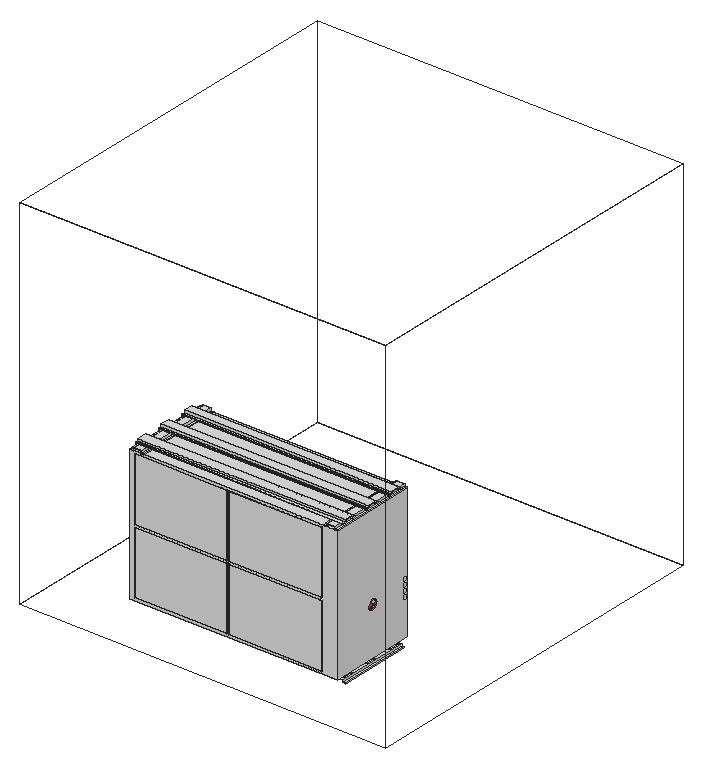
Revit family "HeatPump_AirToWater_Rheem_30kW_Horizontal_LowGWP", category Mechanical Equipment, Revit 2021
Family settings
  Round Connector Dimension = Use Diameter
  Classification = None
  Part Type = Normal
  OmniClass Number = 23.33.17.00
  OmniClass Title = Heat Pumps
  Work Plane-Based = No
  Always vertical = Yes
  Cut with Voids When Loaded = No
  Shared = No
  Room Calculation Point = No
Parameters (values of type "Ducted (952030H0)")
  Voltage = 230 V
  Uniclass2015Version = "v1.33"
  Uniclass2015Title = "Air to water heat pumps"
  Uniclass2015Code = "Pr_70_60_37_04"
  URL = "https://www.rheem.com.au/rheem/"
  Type Comments = "HeatPump - AirToWater - 30kW - Horizontal - LowGWP - Ducted"
  ScreenMaterial = Metal_Vent_Rheem_HeatPump_Wire
  RequiredSpace [instance] = yes
  PowerFactor = 1
  ModifiedIssue = 20240801
  Model = "952030H0"
  ManufacturerURLProductSpecific = "https://www.rheem.com.au/rheem/products/Commercial/Commercial-Heat-Pumps/Rheem-Commercial-Air-To-Water-Heat-Pumps/YF-Series-Air-to-Water-%28A2W%29-30kW-Commercial-Heat-Pump-%E2%80%93-Ducted/p/95203000"
  ManufacturerSpecCode = Model  # "952030H0"
  ManufacturerOverallWidth = 1942 mm  # constant formula
  ManufacturerOverallHeight = 1339 mm  # constant formula
  ManufacturerOverallDepth = 944 mm  # constant formula
  ManufacturerHeightFromFFL [instance] = 0 mm
  Manufacturer = "Rheem"  # constant formula
  IfcExportType = "USERDEFINED"
  IfcExportAs = "IfcPump"
  FanMaterial = Metal_Vent_Rheem_HeatPump_AirSource
  FanHeight = 137 mm  # constant formula
  FanFrame = yes
  Description = "Rheem’s YF Series Commercial heat pump uses 1234yf refrigerant which has an ultra-low Global Warming Potential (GWP) of <1. Delivering hot water up to 65°C and operating in ambient temperatures to a low of 0°C with an improved Coefficient of Performance (COP) of up to 4.28 at 20°C ambient. Ducted models are designed with high static fans to enable reject air to be convey from the room. Models are  available in vertical and stackable horizontal discharge options."
  Default Elevation = 0 mm
  CreatedByURL = "https://igsgroup.com.au"
  CreatedBy = "IGS BIM Solutions"  # constant formula
  BodyMaterial = Aluminium_PowderCoat_Rheem_White
  Assembly Code = "D3020"
  ApparentLoad = 29.78 VA
Reference planes
  plane 1 "Center (Front/Back)": y = -131.5
  plane 2 "Ref. Level": z = 0
  plane 3 "Center (Left/Right)": x = -9.5
  plane 4 "BackReference": y = 340.5
  plane 5 "Front": y = -603.5
  plane 6 "BodyRight": x = 961.5
  plane 7 "BodyLeft": x = -959.5
  plane 8 "Bottom": z = 0
  plane 9 "TopPlinth": z = 1314.5
  plane 10 "PlinthTop": z = 49
  plane 11 "Plint": z = 24.5
  plane 12 "BodyTop": z = 1290
  plane 13 "Connector1": z = 199
  plane 14 "Connector2": z = 529
  plane 15 "RequiredSpaceLeft": x = -1580.5
  plane 16 "RequiredSpaceRight": x = 1811.5
  plane 17 "RequiredSpaceTop": z = 3339
  plane 18 "RequiredSpaceFront": y = -1103.5
  plane 19 "Left": x = -980.5
  plane 20 "BodyBack": y = 203.5
  plane 21 "FanFrameRight": x = 425.5
  plane 22 "Fan1Horizontal": z = 819
  plane 23 "FanFrameBottom": z = 173.5
  plane 24 "SupportTop": z = 1339
  plane 25 "RequiredSpaceBack": y = 2340.5
  plane 26 "Back": y = 340.5
  plane 27 "BodyCentre": y = -200
  plane 28 "Top": z = 1339
  plane 29 "LogoCentreTop": z = 1140
  plane 30 "Fan2Horizontal": z = 519
  plane 31 "FanFrameTop": z = 1165.5
  plane 32 "LogoCentreBottom": z = 500
Forms (mm)
  Extrusion 1, solid, material "Aluminium_PowderCoat_Rheem_White" <- "BodyMaterial"
    sketch origin (0, 0, 0) x (0, -1, 0) y (1, 0, 0)
      loop
        line (-203.5, -959.5) -> (598.5, -959.5) -> (598.5, 961.5) -> (-203.5, 961.5) -> (-203.5, -959.5)
    from 49 to 1290
  Extrusion 2, solid, material "Metal_Vent_Rheem_HeatPump_Wire" <- "ScreenMaterial"
    sketch origin (-36.5, -603.5, 0) x (1, 0, 0) y (0, 0, 1)
      loop
        line (851, 69) -> (851, 659.5) -> (-7, 659.5) -> (-7, 69) -> (851, 69)
      loop
        line (-885, 69) -> (-27, 69) -> (-27, 659.5) -> (-885, 659.5) -> (-885, 69)
      loop
        line (-885, 1270) -> (-885, 679.5) -> (-27, 679.5) -> (-27, 1270) -> (-885, 1270)
      loop
        line (851, 1270) -> (-7, 1270) -> (-7, 679.5) -> (851, 679.5) -> (851, 1270)
    from 0 to -5
  Extrusion 3, solid, material "RequiredSpace", visible <- "RequiredSpace"
    sketch origin (0, 0, 0) x (0, -1, 0) y (-1, 0, 0)
      loop
        line (-2340.5, 1580.5) -> (-2340.5, -1811.5) -> (1103.5, -1811.5) -> (1103.5, 1580.5) -> (-2340.5, 1580.5)
    from 0 to -3339
  Extrusion 4, solid, material "Aluminium_PowderCoat_Rheem_White" <- "BodyMaterial"
    sketch origin (0, -603.5, 0) x (1, 0, 0) y (0, 0, 1)
      loop
        line (-959.5, 1290) -> (-959.5, 49) -> (961.5, 49) -> (961.5, 1290) -> (-959.5, 1290)
      loop
        line (-921.5, 1270) -> (-921.5, 679.5) -> (-63.5, 679.5) -> (-63.5, 1270) -> (-921.5, 1270)
      loop
        line (814.5, 1270) -> (-43.5, 1270) -> (-43.5, 679.5) -> (814.5, 679.5) -> (814.5, 1270)
      loop
        line (-63.5, 69) -> (-63.5, 659.5) -> (-921.5, 659.5) -> (-921.5, 69) -> (-63.5, 69)
      loop
        line (814.5, 659.5) -> (-43.5, 659.5) -> (-43.5, 69) -> (814.5, 69) -> (814.5, 659.5)
    from 0 to -5
  Extrusion 5, solid, material "Aluminium_PowderCoat_Rheem_White", detail levels medium+fine
    sketch origin (-959.5, 164.5, 0) x (0, 1, 0) y (0, 0, 1)
      loop
        circle (-54, 199) r 25
      loop
        circle (-54, 529) r 25
    from -71 to 0
  Extrusion 6, solid, material "Aluminium_PowderCoat_Rheem_White", detail levels medium+fine
    sketch origin (-959.5, -4.5, 0) x (0, 1, 0) y (0, 0, 1)
      loop
        circle (115, 59) r 10
    from -50 to 0
  Extrusion 7, void
    sketch origin (0, -131.5, 0) x (1, 0, 0) y (0, 0, 1)
      loop
        line (-980.5, 49) -> (-980.5, 24.5) -> (-925.96, 49) -> (-980.5, 49)
      loop
        line (961.5, 49) -> (908.96, 49) -> (961.5, 24.5) -> (961.5, 49)
    from 406 to -267
  Extrusion 8, solid, material "Aluminium_PowderCoat_Rheem_White" <- "BodyMaterial", visible <- "FanFrame"
    sketch origin (0, 203.5, 0) x (1, 0, 0) y (0, 0, 1)
      loop
        line (425.5, 173.5) -> (425.5, 1165.5) -> (-959.5, 1165.5) -> (-959.5, 173.5) -> (425.5, 173.5)
      loop
        line (-954.5, 1160.5) -> (-954.5, 178.5) -> (420.5, 178.5) -> (420.5, 1160.5) -> (-954.5, 1160.5)
    from 0 to -70
  Extrusion 9, solid, material "Aluminium_PowderCoat_Rheem_White", detail levels medium+fine
    sketch origin (961.5, 0, -640.5) x (0, 1, 0) y (0, 0, 1)
      loop
        circle (167, 1191) r 15
      loop
        circle (167, 1140.5) r 15
      loop
        circle (167, 1090.5) r 15
      loop
        circle (167, 1040.5) r 15
    from 0 to 5
  Extrusion 10, solid, material "Aluminium_PowderCoat_Rheem_White" <- "BodyMaterial"
    sketch origin (-9.5, -32, 0) x (0, 1, 0) y (0, 0, 1)
      loop
        line (167.5, 49) -> (137.5, 49) -> (137.5, 29.5) -> (60.691, 29.5) -> (60.691, 49) -> (30.605, 49) -> (30.605, 44) -> (55.605, 44) -> (55.605, 24.5) -> (142.5, 24.5) -> (142.5, 44) -> (167.5, 44) -> (167.5, 49)
      loop
        line (-505.5, 49) -> (-505.5, 44) -> (-480.5, 44) -> (-480.5, 24.5) -> (-393.605, 24.5) -> (-393.605, 44) -> (-368.605, 44) -> (-368.605, 49) -> (-398.691, 49) -> (-398.691, 29.5) -> (-475.5, 29.5) -> (-475.5, 49) -> (-505.5, 49)
      loop
        line (-237.45, 49) -> (-237.45, 44) -> (-212.45, 44) -> (-212.45, 24.5) -> (-125.555, 24.5) -> (-125.555, 44) -> (-100.555, 44) -> (-100.555, 49) -> (-130.641, 49) -> (-130.641, 29.5) -> (-207.45, 29.5) -> (-207.45, 49) -> (-237.45, 49)
    from -971 to 971
  Extrusion 11, solid, material "Aluminium_PowderCoat_Rheem_White" <- "BodyMaterial"
    sketch origin (0, -131.5, 0) x (1, 0, 0) y (0, 0, 1)
      loop
        line (931.5, 1309.5) -> (931.5, 1290) -> (961.5, 1290) -> (961.5, 1295) -> (936.5, 1295) -> (936.5, 1314.5) -> (856.5, 1314.5) -> (856.5, 1295) -> (831.5, 1295) -> (831.5, 1290) -> (861.5, 1290) -> (861.5, 1309.5) -> (931.5, 1309.5)
      loop
        line (-929.5, 1309.5) -> (-859.5, 1309.5) -> (-859.5, 1290) -> (-829.5, 1290) -> (-829.5, 1295) -> (-854.5, 1295) -> (-854.5, 1314.5) -> (-934.5, 1314.5) -> (-934.5, 1295) -> (-959.5, 1295) -> (-959.5, 1290) -> (-929.5, 1290) -> (-929.5, 1309.5)
    from -335 to 472
  Extrusion 12, solid, material "Aluminium_PowderCoat_Rheem_White" <- "BodyMaterial"
    sketch origin (-9.5, 0, 0) x (0, 1, 0) y (0, 0, 1)
      loop
        line (135.5, 1314.5) -> (135.5, 1319.5) -> (110.5, 1319.5) -> (110.5, 1339) -> (23.605, 1339) -> (23.605, 1319.5) -> (-1.395, 1319.5) -> (-1.395, 1314.5) -> (28.691, 1314.5) -> (28.691, 1334) -> (105.5, 1334) -> (105.5, 1314.5) -> (135.5, 1314.5)
      loop
        line (-537.5, 1314.5) -> (-507.5, 1314.5) -> (-507.5, 1334) -> (-430.691, 1334) -> (-430.691, 1314.5) -> (-400.605, 1314.5) -> (-400.605, 1319.5) -> (-425.605, 1319.5) -> (-425.605, 1339) -> (-512.5, 1339) -> (-512.5, 1319.5) -> (-537.5, 1319.5) -> (-537.5, 1314.5)
      loop
        line (-269.45, 1314.5) -> (-239.45, 1314.5) -> (-239.45, 1334) -> (-162.641, 1334) -> (-162.641, 1314.5) -> (-132.555, 1314.5) -> (-132.555, 1319.5) -> (-157.555, 1319.5) -> (-157.555, 1339) -> (-244.45, 1339) -> (-244.45, 1319.5) -> (-269.45, 1319.5) -> (-269.45, 1314.5)
    from -950 to 971
  Extrusion 13, solid, material "Aluminium_PowderCoat_Rheem_White" <- "BodyMaterial"
    sketch origin (0, -131.5, 0) x (1, 0, 0) y (0, 0, 1)
      loop
        line (986.5, 0) -> (986.5, 5) -> (961.5, 5) -> (961.5, 24.5) -> (881.5, 24.5) -> (881.5, 5) -> (856.5, 5) -> (856.5, 0) -> (886.5, 0) -> (886.5, 19.5) -> (956.5, 19.5) -> (956.5, 0) -> (986.5, 0)
    from -267 to 406
Cuts and joins
  Extrusion 7 cuts Extrusion 1
  Extrusion 7 cuts Extrusion 4
  joined: Extrusion 1, Extrusion 4
  Extrusion 7 cuts Extrusion 10
Lines and regions (mm)
  Masking region 1
    outline origin (0, 0, 1484) x (0, -1, 0) y (1, 0, 0)
      loop
        line (603.5, -959.5) -> (603.5, 961.5) -> (537.5, 961.5) -> (537.5, 986.5) -> (-135.5, 986.5) -> (-135.5, 961.5) -> (-203.5, 961.5) -> (-203.5, -959.5) -> (-110.5, -959.5) -> (-110.5, -980.5) -> (-23.605, -980.5) -> (-23.605, -959.5) -> (157.555, -959.5) -> (157.555, -980.5) -> (244.45, -980.5) -> (244.45, -959.5) -> (425.605, -959.5) -> (425.605, -980.5) -> (512.5, -980.5) -> (512.5, -959.5) -> (603.5, -959.5)
  Masking region 2, visible <- "FanFrame"
    outline origin (0, 0, 1242) x (0, -1, 0) y (1, 0, 0)
      loop
        line (-273.5, -959.5) -> (-203.5, -959.5) -> (-203.5, 425.5) -> (-273.5, 425.5) -> (-273.5, 370.158) -> (-340.5, 360.5) -> (-340.5, -239.5) -> (-273.5, -249.158) -> (-273.5, -299.842) -> (-340.5, -309.5) -> (-340.5, -909.5) -> (-273.5, -919.158) -> (-273.5, -959.5)
  Masking region 3
    outline origin (0, 0, 1242) x (0, -1, 0) y (1, 0, 0)
      loop
        line (-203.5, 380.249) -> (-340.5, 360.5) -> (-340.5, -239.5) -> (-203.5, -259.249) -> (-203.5, 380.249)
      loop
        line (-340.5, -909.5) -> (-203.5, -929.249) -> (-203.5, -289.751) -> (-340.5, -309.5) -> (-340.5, -909.5)
  symbolic lines, style "Required Space", visible <- "RequiredSpace"
    curve 1: line (-1580.5, 2340.5, 900) -> (1811.5, 2340.5, 900)
    curve 2: line (-1580.5, -1103.5, 900) -> (-1580.5, 2340.5, 900)
    curve 3: line (1811.5, -1103.5, 900) -> (-1580.5, -1103.5, 900)
    curve 4: line (1811.5, 2340.5, 900) -> (1811.5, -1103.5, 900)
  symbolic lines, style "Plant Equipment", detail levels medium+fine
    curve 5: line (961.5, 135.5, 1290) -> (961.5, -537.5, 1290)
    curve 6: line (-959.5, 135.5, 1290) -> (-959.5, 5.395, 1290)
    curve 7: line (-959.5, -537.5, 1290) -> (-959.5, -407.395, 1290)
    curve 8: line (-959.5, 203.5, 1290) -> (425.5, 203.5, 1290)
    curve 9: line (-959.5, 135.5, 1290) -> (961.5, 135.5, 1290)
    curve 10: line (-959.5, -1.395, 1290) -> (961.5, -1.395, 1290)
    curve 11: line (-959.5, -132.555, 1290) -> (961.5, -132.555, 1290)
    curve 12: line (-959.5, -269.45, 1290) -> (961.5, -269.45, 1290)
    curve 13: line (-959.5, -400.605, 1290) -> (961.5, -400.605, 1290)
    curve 15: line (-829.5, -603.5, 1290) -> (-829.5, -537.5, 1290)
    curve 16: line (-829.5, -400.605, 1290) -> (-829.5, -269.45, 1290)
    curve 17: line (-829.5, -132.555, 1290) -> (-829.5, -1.395, 1290)
    curve 18: line (-829.5, 135.5, 1290) -> (-829.5, 203.5, 1290)
    curve 28: line (-809.5, -400.605, 1290) -> (-809.5, -269.45, 1290)
    curve 29: line (811.5, -1.395, 1290) -> (811.5, -132.555, 1290)
    curve 30: line (-959.5, -537.5, 1290) -> (961.5, -537.5, 1290)
    curve 31: line (831.5, -603.5, 1290) -> (831.5, -537.5, 1290)
    curve 32: line (831.5, -400.605, 1290) -> (831.5, -269.45, 1290)
    curve 33: line (831.5, -132.555, 1290) -> (831.5, -1.395, 1290)
    curve 34: line (831.5, 135.5, 1290) -> (831.5, 203.5, 1290)
    curve 35: line (811.5, -269.45, 1290) -> (811.5, -400.605, 1290)
    curve 36: line (-809.5, -132.555, 1290) -> (-809.5, -1.395, 1290)
    curve 37: line (-959.5, -157.555, 1290) -> (-959.5, -244.45, 1290)
  symbolic lines, style "Plant Equipment", not visible, detail levels medium+fine
    curve 14: line (-959.5, -573.5, 1290) -> (961.5, -573.5, 1290)
  symbolic lines, style "Plant Equipment", visible <- "FanFrame", detail levels medium+fine
    curve 19: line (-919.158, 273.5, 1290) -> (370.158, 273.5, 1290)
  model lines, style "Plant Equipment", detail levels medium+fine
    curve 20: line (-709.5, 103.5, 1290) -> (711.5, 103.5, 1290)
    curve 21: line (-809.5, -405.5, 1290) -> (-809.5, 3.5, 1290)
    curve 22: line (711.5, -505.5, 1290) -> (-709.5, -505.5, 1290)
    curve 23: line (811.5, 3.5, 1290) -> (811.5, -405.5, 1290)
    curve 24: arc (-809.5, 3.5, 1290) -> (-780.211, 74.211, 1290) -> (-709.5, 103.5, 1290) r 100
    curve 25: arc (-809.5, -405.5, 1290) -> (-780.211, -476.211, 1290) -> (-709.5, -505.5, 1290) r 100
    curve 26: arc (711.5, -505.5, 1290) -> (782.211, -476.211, 1290) -> (811.5, -405.5, 1290) r 100
    curve 27: arc (811.5, 3.5, 1290) -> (782.211, 74.211, 1290) -> (711.5, 103.5, 1290) r 100
    curve 38: line (961.5, -504.5, 1290) -> (961.5, -504.5, 49)
    curve 39: line (961.5, 105.5, 1290) -> (961.5, 105.5, 49)
    curve 40: line (961.5, -504.5, 600) -> (961.5, 105.5, 600)
    curve 41: line (-959.5, -0.5, 1290) -> (-959.5, -0.5, 49)
    curve 42: line (-959.5, -428.5, 1290) -> (-959.5, -428.5, 49)
Text (mm)
  text "Disclaimer:\nDue to ongoing product development and manufacturing \nevolution, product details are subject to change without \nnotice. Please refer to product technical data sheets on \nthe manufacturers website for the most current product \ninformation. Please allow a +/- 5mm manufacturing \ntolerance for dimensions and set-outs shown in product \nliterature." at (985.527, 159.228, 0), in view "Ref. Level"
Dimensions and locks
  equal spacing: plane 19 "Left", plane 3 "Center (Left/Right)", plane 6 "BodyRight"
  "ManufacturerOverallHeight": plane 28 "Top" to plane 8 "Bottom"
  "ManufacturerHeightFromFFL": plane 8 "Bottom" to plane 2 "Ref. Level"
  locked: plane 10 "PlinthTop" to plane 8 "Bottom" at 49
  equal spacing: plane 10 "PlinthTop", plane 11 "Plint", plane 8 "Bottom"
  locked: plane 17 "RequiredSpaceTop" to plane 28 "Top" at 2000
  locked: plane 18 "RequiredSpaceFront" to plane 5 "Front" at 500
  locked: plane 15 "RequiredSpaceLeft" to plane 19 "Left" at 600
  plane 6 "BodyRight" to plane 16 "RequiredSpaceRight" = 850 mm
  locked: plane 19 "Left" to plane 7 "BodyLeft" at 21
  "ManufacturerOverallWidth": plane 19 "Left" to plane 6 "BodyRight"
  locked: plane 13 "Connector1" to plane 8 "Bottom" at 199
  locked: plane 14 "Connector2" to plane 13 "Connector1" at 330
  locked: plane 7 "BodyLeft" to plane 21 "FanFrameRight" at 1385
  locked: plane 5 "Front" to plane 20 "BodyBack" at 807
  plane 12 "BodyTop" to plane 8 "Bottom" = 1290 mm
  locked: plane 24 "SupportTop" to plane 12 "BodyTop" at 49
  equal spacing: plane 24 "SupportTop", plane 9 "TopPlinth", plane 12 "BodyTop"
  "ManufacturerOverallDepth": plane 5 "Front" to plane 26 "Back"
  locked: plane 26 "Back" to plane 25 "RequiredSpaceBack" at 2000
  equal spacing: plane 5 "Front", plane 1 "Center (Front/Back)", plane 26 "Back"
  equal spacing: plane 20 "BodyBack", plane 27 "BodyCentre", plane 5 "Front"
  locked: plane 20 "BodyBack" to plane 4 "BackReference" at 137
  locked: plane 29 "LogoCentreTop" to plane 12 "BodyTop" at 150
  locked: plane 8 "Bottom" to plane 30 "Fan2Horizontal" at 519
  locked: plane 30 "Fan2Horizontal" to plane 22 "Fan1Horizontal" at 300
  plane 10 "PlinthTop" to plane 23 "FanFrameBottom" to plane 31 "FanFrameTop" to plane 12 "BodyTop" = 124.5 mm, 992 mm locked, 124.5 mm
  locked: plane 32 "LogoCentreBottom" to plane 8 "Bottom" at 500
  aligned and locked: level to plane 2 "Ref. Level"
  aligned and locked: plane 10 "PlinthTop" to Extrusion 1
  aligned and locked: Extrusion 1 to plane 12 "BodyTop"
  aligned and locked: Extrusion 3 to plane 17 "RequiredSpaceTop"
  aligned and locked: curve 3 to plane 18 "RequiredSpaceFront"
  aligned and locked: Extrusion 3 sketch curve to plane 18 "RequiredSpaceFront"
  aligned and locked: plane 8 "Bottom" to Extrusion 3
  aligned and locked: plane 10 "PlinthTop" to Extrusion 4
  aligned and locked: Extrusion 1 to plane 7 "BodyLeft"
  aligned and locked: Extrusion 4 to plane 7 "BodyLeft"
  aligned and locked: plane 13 "Connector1" to Extrusion 5 sketch curve
  aligned and locked: plane 14 "Connector2" to Extrusion 5 sketch curve
  aligned and locked: plane 19 "Left" to Extrusion 7 sketch curve
  aligned and locked: Extrusion 7 sketch curve to plane 10 "PlinthTop"
  aligned and locked: Extrusion 7 sketch curve to plane 6 "BodyRight"
  aligned and locked: plane 20 "BodyBack" to Extrusion 1 sketch curve
  aligned and locked: nested 1 to plane 22 "Fan1Horizontal"
  aligned and locked: plane 6 "BodyRight" to Extrusion 10
  aligned and locked: plane 19 "Left" to Extrusion 10
  aligned and locked: plane 5 "Front" to Extrusion 11
  aligned and locked: plane 6 "BodyRight" to Extrusion 12
  aligned and locked: Extrusion 12 to plane 7 "BodyLeft"
  aligned and locked: Extrusion 11 to plane 20 "BodyBack"
  aligned and locked: Extrusion 3 to plane 25 "RequiredSpaceBack"
  aligned and locked: plane 30 "Fan2Horizontal" to nested 2
  aligned and locked: plane 32 "LogoCentreBottom" to nested 3
  aligned and locked: Extrusion 7 to cut or joined group of Extrusion 7, Extrusion 10  (x2)
  aligned and locked: Extrusion 4 to Extrusion 2  (x3)
  aligned and locked: Extrusion 2 to Extrusion 4
  aligned and locked: Extrusion 4 sketch curve to Extrusion 2  (x2)
  aligned and locked: Extrusion 2 to Extrusion 4 sketch curve
  aligned and locked: Extrusion 13 sketch curve to plane 8 "Bottom"  (x2)
  aligned and locked: plane 29 "LogoCentreTop" to nested 4
  aligned and locked: plane 12 "BodyTop" to curve 42
  aligned and locked: plane 12 "BodyTop" to curve 41
  aligned and locked: plane 10 "PlinthTop" to curve 42
  aligned and locked: plane 10 "PlinthTop" to curve 41
Automatic sketch dimensions
  Extrusion 1 sketch curve to plane 7 "BodyLeft" = 0 mm
  Extrusion 1 sketch curve to plane 6 "BodyRight" = 0 mm
  Extrusion 1 sketch curve to plane 5 "Front" = 5 mm
  plane 7 "BodyLeft" to Extrusion 2 sketch curve = 38 mm  (x2)
  Extrusion 2 sketch curve to plane 3 "Center (Left/Right)" = 54 mm  (x2)
  Extrusion 2 sketch curve to plane 10 "PlinthTop" = 20 mm  (x2)
  Extrusion 2 sketch curve to Extrusion 2 sketch curve = 20 mm  (x3)
  Extrusion 2 sketch curve to Extrusion 2 sketch curve = 0 mm  (x2)
  Extrusion 2 sketch curve to plane 6 "BodyRight" = 147 mm  (x2)
  plane 12 "BodyTop" to Extrusion 2 sketch curve = 20 mm  (x2)
  Extrusion 2 sketch curve to plane 14 "Connector2" = 130.5 mm
  Extrusion 3 sketch curve to plane 16 "RequiredSpaceRight" = 0 mm
  plane 25 "RequiredSpaceBack" to Extrusion 3 sketch curve = 0 mm
  Extrusion 3 sketch curve to plane 15 "RequiredSpaceLeft" = 0 mm
  curve 1 to plane 16 "RequiredSpaceRight" = 0 mm
  plane 25 "RequiredSpaceBack" to curve 1 = 0 mm
  curve 3 to plane 15 "RequiredSpaceLeft" = 0 mm
  Extrusion 4 sketch curve to plane 7 "BodyLeft" = 0 mm
  Extrusion 4 sketch curve to plane 6 "BodyRight" = 0 mm
  Extrusion 4 sketch curve to plane 10 "PlinthTop" = 0 mm
  Extrusion 4 sketch curve to plane 12 "BodyTop" = 0 mm
  plane 7 "BodyLeft" to Extrusion 4 sketch curve = 38 mm  (x2)
  Extrusion 4 sketch curve to Extrusion 4 sketch curve = 20 mm  (x2)
  plane 12 "BodyTop" to Extrusion 4 sketch curve = 20 mm  (x2)
  Extrusion 4 sketch curve to plane 6 "BodyRight" = 147 mm
  Extrusion 4 sketch curve to Extrusion 4 sketch curve = 0 mm  (x3)
  Extrusion 4 sketch curve to plane 10 "PlinthTop" = 20 mm  (x2)
  Extrusion 4 sketch curve to plane 14 "Connector2" = 130.5 mm
  plane 20 "BodyBack" to Extrusion 5 sketch curve = 93 mm  (x2)
  Extrusion 6 sketch curve to plane 10 "PlinthTop" = 10 mm
  plane 20 "BodyBack" to Extrusion 6 sketch curve = 93 mm
  Extrusion 7 sketch curve to plane 10 "PlinthTop" = 0 mm
  Extrusion 7 sketch curve to plane 11 "Plint" = 0 mm  (x2)
  plane 7 "BodyLeft" to Extrusion 7 sketch curve = 33.54 mm
  Extrusion 7 sketch curve to plane 6 "BodyRight" = 52.54 mm
  Extrusion 8 sketch curve to plane 7 "BodyLeft" = 0 mm
  Extrusion 8 sketch curve to plane 21 "FanFrameRight" = 0 mm
  Extrusion 8 sketch curve to plane 23 "FanFrameBottom" = 0 mm
  Extrusion 8 sketch curve to plane 31 "FanFrameTop" = 0 mm
  plane 7 "BodyLeft" to Extrusion 8 sketch curve = 5 mm
  Extrusion 8 sketch curve to plane 21 "FanFrameRight" = 5 mm
  Extrusion 8 sketch curve to plane 23 "FanFrameBottom" = 5 mm
  plane 31 "FanFrameTop" to Extrusion 8 sketch curve = 5 mm
  plane 32 "LogoCentreBottom" to Extrusion 9 sketch curve = 0 mm
  plane 20 "BodyBack" to Extrusion 9 sketch curve = 36.5 mm  (x4)
  Extrusion 9 sketch curve to Extrusion 9 sketch curve = 50 mm  (x2)
  Extrusion 9 sketch curve to plane 14 "Connector2" = 21.5 mm
  plane 10 "PlinthTop" to Extrusion 10 sketch curve = 0 mm  (x6)
  plane 11 "Plint" to Extrusion 10 sketch curve = 0 mm  (x3)
  Extrusion 10 sketch curve to plane 5 "Front" = 66 mm
  Extrusion 10 sketch curve to Extrusion 10 sketch curve = 25 mm  (x5)
  Extrusion 10 sketch curve to Extrusion 10 sketch curve = 5 mm  (x5)
  Extrusion 10 sketch curve to plane 11 "Plint" = 5 mm  (x3)
  Extrusion 10 sketch curve to Extrusion 10 sketch curve = 76.809 mm  (x2)
  Extrusion 10 sketch curve to Extrusion 10 sketch curve = 5.086 mm  (x3)
  plane 10 "PlinthTop" to Extrusion 10 sketch curve = 5 mm  (x4)
  plane 27 "BodyCentre" to Extrusion 10 sketch curve = 69.45 mm
  plane 1 "Center (Front/Back)" to Extrusion 10 sketch curve = 31.141 mm
  plane 1 "Center (Front/Back)" to Extrusion 10 sketch curve = 1.055 mm
  Extrusion 10 sketch curve to plane 1 "Center (Front/Back)" = 130.105 mm
  Extrusion 11 sketch curve to plane 7 "BodyLeft" = 0 mm
  Extrusion 11 sketch curve to plane 9 "TopPlinth" = 0 mm  (x2)
  Extrusion 11 sketch curve to plane 12 "BodyTop" = 0 mm  (x4)
  Extrusion 11 sketch curve to plane 6 "BodyRight" = 0 mm
  Extrusion 11 sketch curve to plane 12 "BodyTop" = 5 mm  (x4)
  Extrusion 11 sketch curve to Extrusion 11 sketch curve = 25 mm  (x3)
  Extrusion 11 sketch curve to Extrusion 11 sketch curve = 5 mm  (x4)
  plane 9 "TopPlinth" to Extrusion 11 sketch curve = 5 mm  (x2)
  Extrusion 11 sketch curve to Extrusion 11 sketch curve = 70 mm
  Extrusion 11 sketch curve to plane 6 "BodyRight" = 130 mm
  Extrusion 11 sketch curve to plane 6 "BodyRight" = 30 mm
  plane 9 "TopPlinth" to Extrusion 12 sketch curve = 0 mm  (x6)
  plane 24 "SupportTop" to Extrusion 12 sketch curve = 0 mm  (x3)
  Extrusion 12 sketch curve to plane 5 "Front" = 66 mm
  Extrusion 12 sketch curve to Extrusion 12 sketch curve = 25 mm  (x5)
  Extrusion 12 sketch curve to Extrusion 12 sketch curve = 5 mm  (x3)
  plane 24 "SupportTop" to Extrusion 12 sketch curve = 5 mm  (x3)
  Extrusion 12 sketch curve to Extrusion 12 sketch curve = 76.809 mm  (x2)
  Extrusion 12 sketch curve to Extrusion 12 sketch curve = 5.086 mm  (x3)
  Extrusion 12 sketch curve to plane 9 "TopPlinth" = 5 mm  (x6)
  plane 27 "BodyCentre" to Extrusion 12 sketch curve = 69.45 mm
  plane 1 "Center (Front/Back)" to Extrusion 12 sketch curve = 31.141 mm
  plane 1 "Center (Front/Back)" to Extrusion 12 sketch curve = 1.055 mm
  Extrusion 12 sketch curve to plane 1 "Center (Front/Back)" = 130.105 mm
  Masking region 1 sketch curve to plane 7 "BodyLeft" = 0 mm  (x4)
  plane 20 "BodyBack" to Masking region 1 sketch curve = 0 mm
  Masking region 1 sketch curve to plane 6 "BodyRight" = 0 mm  (x2)
  Masking region 1 sketch curve to plane 19 "Left" = 0 mm  (x3)
  plane 5 "Front" to Masking region 1 sketch curve = 0 mm
  plane 6 "BodyRight" to Masking region 1 sketch curve = 25 mm
  plane 20 "BodyBack" to Masking region 1 sketch curve = 68 mm
  Masking region 1 sketch curve to Masking region 1 sketch curve = 93 mm
  Masking region 1 sketch curve to Masking region 1 sketch curve = 86.895 mm  (x2)
  plane 1 "Center (Front/Back)" to Masking region 1 sketch curve = 26.055 mm
  plane 27 "BodyCentre" to Masking region 1 sketch curve = 44.45 mm
  Masking region 1 sketch curve to plane 5 "Front" = 177.895 mm
  Masking region 1 sketch curve to plane 5 "Front" = 66 mm
  plane 4 "BackReference" to Masking region 2 sketch curve = 0 mm  (x2)
  Masking region 2 sketch curve to plane 21 "FanFrameRight" = 0 mm
  Masking region 2 sketch curve to plane 7 "BodyLeft" = 0 mm
  plane 20 "BodyBack" to Masking region 2 sketch curve = 0 mm
  plane 4 "BackReference" to Masking region 2 sketch curve = 67 mm  (x3)
  Masking region 2 sketch curve to Masking region 2 sketch curve = 40.342 mm
  plane 7 "BodyLeft" to Masking region 2 sketch curve = 50 mm
  Masking region 2 sketch curve to plane 3 "Center (Left/Right)" = 300 mm
  Masking region 2 sketch curve to Masking region 2 sketch curve = 9.658 mm  (x2)
  Masking region 2 sketch curve to Masking region 2 sketch curve = 50.684 mm
  Masking region 2 sketch curve to plane 21 "FanFrameRight" = 65 mm
  Masking region 2 sketch curve to plane 21 "FanFrameRight" = 55.342 mm
  plane 4 "BackReference" to Masking region 3 sketch curve = 0 mm  (x2)
  plane 20 "BodyBack" to Masking region 3 sketch curve = 0 mm  (x2)
  plane 7 "BodyLeft" to Masking region 3 sketch curve = 30.251 mm
  plane 7 "BodyLeft" to Masking region 3 sketch curve = 50 mm
  Masking region 3 sketch curve to plane 3 "Center (Left/Right)" = 300 mm
  Masking region 3 sketch curve to Masking region 3 sketch curve = 19.749 mm
  Masking region 3 sketch curve to Masking region 3 sketch curve = 30.503 mm
  Masking region 3 sketch curve to Masking region 3 sketch curve = 70 mm
  Masking region 3 sketch curve to plane 21 "FanFrameRight" = 65 mm
  Masking region 3 sketch curve to plane 21 "FanFrameRight" = 45.251 mm
  plane 20 "BodyBack" to curve 8 = 0 mm
  plane 20 "BodyBack" to curve 34 = 0 mm
  curve 9 to plane 7 "BodyLeft" = 0 mm
  curve 9 to plane 6 "BodyRight" = 0 mm
  curve 10 to plane 7 "BodyLeft" = 0 mm
  curve 11 to plane 7 "BodyLeft" = 0 mm
  curve 37 to plane 7 "BodyLeft" = 0 mm
  curve 12 to plane 7 "BodyLeft" = 0 mm
  curve 13 to plane 7 "BodyLeft" = 0 mm
  curve 7 to plane 7 "BodyLeft" = 0 mm
  curve 14 to plane 7 "BodyLeft" = 0 mm
  curve 14 to plane 6 "BodyRight" = 0 mm
  plane 5 "Front" to curve 15 = 0 mm
  plane 5 "Front" to curve 31 = 0 mm
  curve 8 to plane 7 "BodyLeft" = 0 mm
  curve 8 to plane 21 "FanFrameRight" = 0 mm
  curve 8 to curve 9 = 68 mm
  plane 20 "BodyBack" to curve 20 = 100 mm
  curve 34 to curve 23 = 132 mm
  curve 20 to curve 24 = 100 mm
  curve 25 to plane 5 "Front" = 198 mm
  curve 26 to plane 5 "Front" = 198 mm
  curve 22 to plane 5 "Front" = 98 mm
  curve 5 to plane 5 "Front" = 66 mm
  plane 7 "BodyLeft" to curve 21 = 150 mm
  curve 20 to plane 6 "BodyRight" = 250 mm
  plane 4 "BackReference" to curve 19 = 67 mm
  curve 6 to curve 6 = 130.105 mm
  curve 23 to curve 29 = 4.895 mm
  plane 1 "Center (Front/Back)" to curve 11 = 1.055 mm
  curve 11 to curve 37 = 25 mm
  plane 27 "BodyCentre" to curve 37 = 44.45 mm
  plane 27 "BodyCentre" to curve 32 = 69.45 mm
  curve 12 to curve 13 = 131.155 mm
  curve 13 to curve 7 = 6.79 mm
  curve 14 to plane 5 "Front" = 30 mm
  plane 7 "BodyLeft" to curve 19 = 40.342 mm
  curve 19 to curve 18 = 89.658 mm
  curve 17 to curve 24 = 20 mm
  plane 7 "BodyLeft" to curve 16 = 130 mm
  plane 7 "BodyLeft" to curve 15 = 130 mm
  curve 36 to curve 21 = 0 mm
  curve 28 to curve 21 = 0 mm
  curve 19 to plane 21 "FanFrameRight" = 55.342 mm
  curve 35 to curve 23 = 0 mm
  curve 29 to curve 23 = 0 mm
  curve 29 to curve 33 = 20 mm
  curve 27 to curve 34 = 120 mm
  curve 31 to plane 6 "BodyRight" = 130 mm
  curve 35 to curve 32 = 20 mm
  Extrusion 13 sketch curve to plane 11 "Plint" = 0 mm
  Extrusion 13 sketch curve to plane 6 "BodyRight" = 0 mm
  Extrusion 13 sketch curve to plane 6 "BodyRight" = 5 mm
  Extrusion 13 sketch curve to Extrusion 13 sketch curve = 70 mm
  Extrusion 13 sketch curve to Extrusion 13 sketch curve = 5 mm
  Extrusion 13 sketch curve to Extrusion 13 sketch curve = 25 mm  (x2)
  Extrusion 13 sketch curve to plane 8 "Bottom" = 5 mm  (x2)
  plane 11 "Plint" to Extrusion 13 sketch curve = 5 mm
  plane 10 "PlinthTop" to curve 38 = 0 mm
  plane 12 "BodyTop" to curve 38 = 0 mm
  plane 10 "PlinthTop" to curve 39 = 0 mm
  plane 12 "BodyTop" to curve 39 = 0 mm
  curve 38 to plane 5 "Front" = 99 mm
  plane 20 "BodyBack" to curve 39 = 98 mm
  curve 40 to plane 14 "Connector2" = 71 mm
  curve 42 to plane 5 "Front" = 175 mm
  curve 41 to plane 1 "Center (Front/Back)" = 131 mm
  radius of Extrusion 5 sketch curve = 25 mm  (x2)
  radius of Extrusion 6 sketch curve = 10 mm
  radius of Extrusion 9 sketch curve = 15 mm  (x4)
Nested families
  nested 1: "z_HeatPump_Rheem_Fan_LowGWP" at (60.5, 203.5, 819) x (-1, 0, 0) z (0, 1, 0), type "Type 1"
    with Radius2 300 mm, Radius1 320 mm, ManufacturerOverallWidth 640 mm, ManufacturerOverallLength 640 mm, ManufacturerOverallHeight 137 mm, FanHeight 137 mm
  nested 2: "z_HeatPump_Rheem_Fan_LowGWP" at (-609.5, 203.5, 519) x (-1, 0, 0) z (0, 1, 0), type "Type 1"
    with Radius2 300 mm, Radius1 320 mm, ManufacturerOverallWidth 640 mm, ManufacturerOverallLength 640 mm, ManufacturerOverallHeight 137 mm, FanHeight 137 mm
  nested 3: "z_Rheem_Logo" at (961.5, -199.5, 500) x (0, 1, 0) z (1, 0, 0), type "Type 1", detail levels medium+fine
  nested 4: "z_Rheem_Logo" at (-959.5, -214.5, 1140) x (0, -1, 0) z (-1, 0, 0), type "Type 1", detail levels medium+fine
Connectors
  piping at (-1030.5, 110.5, 199), diameter 41
    settings: on Extrusion 5, index 1, connector inside diameter 609.6 mm, connector length 0 mm, flow factor 0, pipe flow 0.0 L/s, pressure drop 0.0 Pa, fitting loss kfactor 0, connector angle 0.00°, fixture units 0, engagement length 0 mm, angle of deflection 0.00°, flow configuration 1, flow direction 1, fitting loss method 0, system type 20, joint type 0, gender type 0, connector reference index -1, connector utility 0, adjustable connector no, is connector primary yes, connector description "Cold Water Supply"
  piping at (-1009.5, 110.5, 59), diameter 20
    settings: on Extrusion 6, index 2, connector inside diameter 609.6 mm, connector length 0 mm, flow factor 0, pipe flow 0.0 L/s, pressure drop 0.0 Pa, fitting loss kfactor 0, connector angle 0.00°, fixture units 0, engagement length 0 mm, angle of deflection 0.00°, flow configuration 1, flow direction 2, fitting loss method 0, system type 16, joint type 0, gender type 0, connector reference index -1, connector utility 0, adjustable connector no, is connector primary no, connector description ""
  piping at (-1030.5, 110.5, 529), diameter 41
    settings: on Extrusion 5, index 3, connector inside diameter 609.6 mm, connector length 0 mm, flow factor 0, pipe flow 0.0 L/s, pressure drop 0.0 Pa, fitting loss kfactor 0, connector angle 0.00°, fixture units 0, engagement length 0 mm, angle of deflection 0.00°, flow configuration 1, flow direction 2, fitting loss method 0, system type 19, joint type 0, gender type 0, connector reference index -1, connector utility 0, adjustable connector no, is connector primary no, connector description "Hot Water Supply"
  electrical at (966.5, 167, 550.5), driven by "Voltage", driven by "ApparentLoad", driven by "PowerFactor"
    settings: on Extrusion 9, index 8, voltage 230 V, apparent load 29.78 VA, apparent load phase1 0 VA, apparent load phase2 0 VA, apparent load phase3 0 VA, power factor 1, load classification "Other", number of poles 1, system type 30, power factor state 1, is connector primary yes, connector utility no, sub classification motor no, connector description ""
  electrical at (966.5, 167, 500), driven by "Voltage", driven by "ApparentLoad", driven by "PowerFactor"
    settings: on Extrusion 9, index 9, voltage 230 V, apparent load 29.78 VA, apparent load phase1 0 VA, apparent load phase2 0 VA, apparent load phase3 0 VA, power factor 1, load classification "Other", number of poles 1, system type 30, power factor state 1, is connector primary no, connector utility no, sub classification motor no, connector description ""
  electrical at (966.5, 167, 450), driven by "Voltage", driven by "ApparentLoad", driven by "PowerFactor"
    settings: on Extrusion 9, index 10, voltage 230 V, apparent load 29.78 VA, apparent load phase1 0 VA, apparent load phase2 0 VA, apparent load phase3 0 VA, power factor 1, load classification "Other", number of poles 1, system type 30, power factor state 1, is connector primary no, connector utility no, sub classification motor no, connector description ""
  electrical at (966.5, 167, 400), driven by "Voltage", driven by "ApparentLoad", driven by "PowerFactor"
    settings: on Extrusion 9, index 11, voltage 230 V, apparent load 29.78 VA, apparent load phase1 0 VA, apparent load phase2 0 VA, apparent load phase3 0 VA, power factor 1, load classification "Other", number of poles 1, system type 30, power factor state 1, is connector primary no, connector utility no, sub classification motor no, connector description ""
Definition of nested family "z_HeatPump_Rheem_Fan_LowGWP"
  Parameters (values of type "Type 1")
    Uniclass2015Version = ""
    Uniclass2015Title = ""
    Uniclass2015Code = ""
    Radius2 = Radius1 - 20 mm  # 220 mm
    Radius1 = ManufacturerOverallLength / 2  # 240 mm
    ModifiedIssue = 0
    ManufacturerURLProductSpecific = ""
    ManufacturerSpecCode = ""
    ManufacturerOverallWidth = ManufacturerOverallLength  # 480 mm
    ManufacturerOverallLength = 480 mm
    ManufacturerOverallHeight = FanHeight  # 87 mm
    ManufacturerHeightFromFFL = 0 mm
    IfcExportType = ""
    IfcExportAs = ""
    FanMaterial = none
    FanHeight = 87 mm
    Default Elevation = 1219.2 mm
    CreatedByURL = "https://igsgroup.com.au"
    CreatedBy = "IGS BIM Solutions"  # constant formula
  Reference planes
    plane 1 "Center (Front/Back)": y = 0
    plane 2: z = 0
    plane 3 "Center (Left/Right)": x = 0
    plane 4 "Left": x = -240
    plane 5 "Right": x = 240
    plane 6 "Back": y = 240
    plane 7 "Front": y = -240
    plane 8 "Bottom": z = 0
    plane 9 "FanFront": z = 87
    plane 10 "Center L/T": z = 47
    plane 11 "Top": z = 87
  Forms (mm)
    Extrusion 1, solid
      sketch origin (0, 0, 0) x (1, 0, 0) y (0, 1, 0)
        loop
          line (-1219.2, 1219.2) -> (-1219.2, -1219.2) -> (1219.2, -1219.2) -> (1219.2, 1219.2) -> (-1219.2, 1219.2)
      from 0 to -304.8
    Blend 2, solid
      base sketch origin (0, 0, 0) x (-1, 0, 0) y (0, -1, 0)
        loop
          circle (0, 0) r 240
      top sketch origin (0, 0, 0) x (1, 0, 0) y (0, 1, 0)
        loop
          circle (0, 0) r 220
      from 0 to 87
    Blend 3, void
      base sketch origin (0, 0, 114) x (-1, 0, 0) y (0, -1, 0)
        loop
          circle (0, 0) r 90
      top sketch origin (0, 0, 114) x (-1, 0, 0) y (0, -1, 0)
        loop
          circle (0, 0) r 80
      from -27 to -67
  Cuts and joins
    Blend 3 cuts Blend 2
  Lines and regions (mm)
    Masking region 1
      outline origin (0, 0, 87) x (-1, 0, 0) y (0, -1, 0)
        loop
          circle (0, 0) r 240
    symbolic lines, detail levels medium+fine
      curve 1: circle (0, 0, 87) r 75 normal (0, 0, 1)
  Dimensions and locks
    "ManufacturerHeightFromFFL": plane 8 "Bottom" to plane 2
    "ManufacturerOverallLength": plane 4 "Left" to plane 5 "Right"
    equal spacing: plane 4 "Left", plane 3 "Center (Left/Right)", plane 5 "Right"
    "ManufacturerOverallWidth": plane 7 "Front" to plane 6 "Back"
    equal spacing: plane 7 "Front", plane 1 "Center (Front/Back)", plane 6 "Back"
    "FanHeight": plane 9 "FanFront" to plane 8 "Bottom"
    plane 9 "FanFront" to plane 10 "Center L/T" = 40 mm
    "Radius1": radius of Blend 2 sketch curve
    "Radius2": radius of Blend 2 sketch curve
    "Radius1": radius of Masking region 1 sketch curve
    aligned and locked: plane 2 to Extrusion 1
    aligned and locked: level to Extrusion 1
    aligned and locked: plane 1 "Center (Front/Back)" to Blend 2 sketch curve  (x2)
    aligned and locked: plane 3 "Center (Left/Right)" to Blend 2 sketch curve  (x2)
    aligned and locked: plane 9 "FanFront" to Blend 2
    aligned and locked: Blend 3 to plane 10 "Center L/T"
    aligned and locked: plane 1 "Center (Front/Back)" to cut or joined group of Blend 2, Blend 3
    aligned and locked: plane 3 "Center (Left/Right)" to Masking region 1 sketch curve
    aligned and locked: plane 1 "Center (Front/Back)" to Masking region 1 sketch curve
    aligned and locked: plane 3 "Center (Left/Right)" to curve 1
    aligned and locked: plane 1 "Center (Front/Back)" to curve 1
    aligned and locked: plane 11 "Top" to plane 9 "FanFront"
    aligned and locked: cut or joined group of Blend 2, Blend 3 to plane 10 "Center L/T"
    aligned and locked: plane 11 "Top" to cut or joined group of Blend 2, Blend 3
    aligned and locked: plane 9 "FanFront" to Blend 3
  Automatic sketch dimensions
    Extrusion 1 sketch curve to Extrusion 1 sketch curve = 2438.4 mm  (x2)
    plane 1 "Center (Front/Back)" to Blend 3 sketch curve = 0 mm  (x2)
    Blend 3 sketch curve to plane 3 "Center (Left/Right)" = 0 mm  (x2)
    radius of Blend 3 sketch curve = 90 mm
    radius of Blend 3 sketch curve = 80 mm
    radius of curve 1 = 75 mm
Definition of nested family "z_Rheem_Logo"
  Parameters (values of type "Type 1")
    Uniclass2015Version = ""
    Uniclass2015Title = ""
    Uniclass2015Code = ""
    ModifiedIssue = 0
    Material = none
    ManufacturerURLProductSpecific = ""
    ManufacturerSpecCode = ""
    ManufacturerOverallWidth = 86 mm
    ManufacturerOverallLength = 86 mm
    ManufacturerOverallHeight = 1 mm
    ManufacturerHeightFromFFL = 0 mm
    IfcExportType = ""
    IfcExportAs = ""
    Default Elevation = 1219.2 mm
    CreatedByURL = "https://igsgroup.com.au"
    CreatedBy = "IGS BIM Solutions"  # constant formula
  Reference planes
    plane 1 "Center (Front/Back)": y = 0
    plane 2: z = 0
    plane 3 "Center (Left/Right)": x = 0
    plane 4 "Left": x = -43
    plane 5 "Right": x = 43
    plane 6 "Back": y = 43
    plane 7 "Front": y = -43
    plane 8 "Bottom": z = 0
    plane 9 "Center (Elevation)": z = 0.5
    plane 10 "Top": z = 1
  Forms (mm)
    Extrusion 1, solid
      sketch origin (0, 0, 0) x (1, 0, 0) y (0, 1, 0)
        loop
          line (-1219.2, 1219.2) -> (-1219.2, -1219.2) -> (1219.2, -1219.2) -> (1219.2, 1219.2) -> (-1219.2, 1219.2)
      from 0 to -304.8
    Extrusion 2, solid, material <- "Material", detail levels medium+fine
      sketch origin (0, 0, 0) x (-1, 0, 0) y (0, -1, 0)
        loop
          circle (0, 0) r 43
        loop
          arc (33.529, 21.813) -> (-38.36, 11.338) -> (16.283, -36.536) r 40
          line (16.283, -36.536) -> (16.283, -5.397)
          arc (16.283, -5.397) -> (14.75, -6.901) -> (12.662, -7.405) r 4.033
          arc (12.662, -7.405) -> (9.852, -6.403) -> (8.561, -3.712) r 3.918
          line (8.561, -3.712) -> (8.561, 8.033) -> (11.525, 8.033) -> (11.525, -1.806)
          arc (11.525, -1.806) -> (12.858, -4.057) -> (15.428, -3.572) r 2.279
          arc (15.428, -3.572) -> (15.988, -2.759) -> (16.246, -1.806) r 2.925
          line (16.246, -1.806) -> (16.246, 8.079) -> (19.645, 8.079) -> (19.645, -34.843)
          arc (19.645, -34.843) -> (26.644, -29.834) -> (32.41, -23.444) r 40
          arc (32.41, -23.444) -> (21.103, -13.87) -> (28.782, -1.2) r 11.411
          line (28.782, -1.2) -> (7.321, 24.919) -> (11.462, 24.919) -> (31.83, 0.131) -> (31.83, 21.813) -> (33.529, 21.813)
        loop
          line (35.017, 19.335) -> (35.017, -19.335)
          arc (35.017, -19.335) -> (40, 0) -> (35.017, 19.335) r 40
        loop
          line (-19.37, 8.097) -> (-22.563, 8.097) -> (-22.563, -2.258)
          spline (-22.563, -2.258) -> (-22.878, -3.103) -> (-23.24, -3.526) -> (-23.639, -3.818) -> (-24.082, -3.997) -> (-24.556, -4.074) -> (-25.034, -4.068) -> (-25.491, -3.983) -> (-25.903, -3.817) -> (-26.238, -3.56) -> (-26.492, -3.191) -> (-26.717, -2.639) -> (-26.9, -1.6)
          line (-26.9, -1.6) -> (-26.9, 8.097) -> (-29.854, 8.097) -> (-29.854, -2.258)
          spline (-29.854, -2.258) -> (-30.181, -3.064) -> (-30.553, -3.474) -> (-30.969, -3.74) -> (-31.419, -3.936) -> (-31.889, -4.059) -> (-32.364, -4.078) -> (-32.821, -3.995) -> (-33.233, -3.826) -> (-33.568, -3.567) -> (-33.822, -3.195) -> (-34.048, -2.639) -> (-34.231, -1.594)
          line (-34.231, -1.594) -> (-34.231, 8.097) -> (-37.174, 8.097) -> (-37.174, -3.718)
          spline (-37.174, -3.718) -> (-36.65, -5.383) -> (-35.957, -6.159) -> (-35.415, -6.563) -> (-34.941, -6.826) -> (-34.394, -7.032) -> (-33.695, -7.17) -> (-32.91, -7.2) -> (-32.152, -7.119) -> (-31.53, -6.952) -> (-31.006, -6.67) -> (-30.429, -6.179) -> (-29.566, -5.166)
          spline (-29.566, -5.166) -> (-28.777, -6.078) -> (-28.276, -6.494) -> (-27.782, -6.788) -> (-27.231, -7.014) -> (-26.621, -7.177) -> (-26.085, -7.261) -> (-25.622, -7.26) -> (-25.015, -7.185) -> (-24.376, -7.012) -> (-23.849, -6.722) -> (-23.308, -6.304) -> (-22.552, -5.275)
          line (-22.552, -5.275) -> (-22.552, -6.926) -> (-19.37, -6.926) -> (-19.37, 8.097)
        loop
          line (4.051, -1.414) -> (-2.029, -1.414)
          spline (-2.029, -1.414) -> (-1.473, -2.786) -> (-1.087, -3.377) -> (-0.673, -3.834) -> (-0.205, -4.224) -> (0.271, -4.485) -> (0.868, -4.588) -> (1.527, -4.548) -> (2.06, -4.356) -> (2.438, -4.033) -> (2.865, -3.608) -> (3.384, -2.906) -> (4.051, -1.414)
        loop
          line (4.095, 1.507) -> (-5.029, 1.507)
          spline (-5.029, 1.507) -> (-4.769, -1.886) -> (-4.1, -3.692) -> (-3.083, -5.302) -> (-1.664, -6.502) -> (0.127, -7.316) -> (1.72, -7.317) -> (3.497, -6.614) -> (4.898, -5.44) -> (6.016, -3.817) -> (6.693, -1.944) -> (6.954, -0.058) -> (6.657, 3.194)
          spline (6.657, 3.194) -> (5.711, 5.424) -> (4.777, 6.63) -> (3.808, 7.465) -> (2.878, 7.994) -> (1.873, 8.306) -> (0.773, 8.411) -> (-0.288, 8.278) -> (-1.264, 7.907) -> (-2.23, 7.346) -> (-3.148, 6.594) -> (-4.02, 5.578) -> (-4.876, 3.596)
          line (-4.876, 3.596) -> (-1.705, 3.596)
          spline (-1.705, 3.596) -> (-0.883, 4.78) -> (-0.307, 5.189) -> (0.248, 5.429) -> (0.802, 5.54) -> (1.305, 5.525) -> (1.909, 5.294) -> (2.514, 4.923) -> (2.921, 4.547) -> (3.253, 4.098) -> (3.591, 3.486) -> (3.885, 2.641) -> (4.095, 1.507)
        loop
          line (-8.984, -1.152) -> (-15.064, -1.152)
          spline (-15.064, -1.152) -> (-14.509, -2.524) -> (-14.123, -3.116) -> (-13.708, -3.573) -> (-13.241, -3.962) -> (-12.764, -4.224) -> (-12.168, -4.327) -> (-11.508, -4.287) -> (-10.975, -4.095) -> (-10.598, -3.771) -> (-10.171, -3.347) -> (-9.652, -2.645) -> (-8.984, -1.152)
        loop
          line (-8.973, 1.54) -> (-18.097, 1.54)
          spline (-18.097, 1.54) -> (-17.837, -1.853) -> (-17.168, -3.659) -> (-16.151, -5.269) -> (-14.732, -6.469) -> (-12.941, -7.283) -> (-11.348, -7.285) -> (-9.571, -6.581) -> (-8.17, -5.407) -> (-7.052, -3.785) -> (-6.375, -1.911) -> (-6.114, -0.026) -> (-6.412, 3.226)
          spline (-6.412, 3.226) -> (-7.357, 5.456) -> (-8.291, 6.663) -> (-9.26, 7.498) -> (-10.191, 8.027) -> (-11.195, 8.339) -> (-12.295, 8.444) -> (-13.356, 8.311) -> (-14.332, 7.939) -> (-15.298, 7.379) -> (-16.217, 6.626) -> (-17.088, 5.61) -> (-17.944, 3.629)
          line (-17.944, 3.629) -> (-14.773, 3.629)
          spline (-14.773, 3.629) -> (-13.951, 4.813) -> (-13.375, 5.222) -> (-12.82, 5.462) -> (-12.266, 5.573) -> (-11.763, 5.557) -> (-11.159, 5.326) -> (-10.555, 4.955) -> (-10.147, 4.58) -> (-9.816, 4.131) -> (-9.477, 3.519) -> (-9.183, 2.673) -> (-8.973, 1.54)
        loop
          arc (31.817, -3.841) -> (24.154, -12.033) -> (31.817, -20.226) r 8.211
          line (31.817, -20.226) -> (31.817, -3.841)
      from 0 to 1
  Lines and regions (mm)
    Masking region 1
      outline origin (0, 0, 0) x (-1, 0, 0) y (0, -1, 0)
        loop
          circle (0, 0) r 43
        loop
          arc (33.529, 21.813) -> (-38.36, 11.338) -> (16.283, -36.536) r 40
          line (16.283, -36.536) -> (16.283, -5.397)
          arc (16.283, -5.397) -> (14.75, -6.901) -> (12.662, -7.405) r 4.033
          arc (12.662, -7.405) -> (9.852, -6.403) -> (8.561, -3.712) r 3.918
          line (8.561, -3.712) -> (8.561, 8.033) -> (11.525, 8.033) -> (11.525, -1.806)
          arc (11.525, -1.806) -> (12.858, -4.057) -> (15.428, -3.572) r 2.279
          arc (15.428, -3.572) -> (15.988, -2.759) -> (16.246, -1.806) r 2.925
          line (16.246, -1.806) -> (16.246, 8.079) -> (19.645, 8.079) -> (19.645, -34.843)
          arc (19.645, -34.843) -> (26.644, -29.834) -> (32.41, -23.444) r 40
          arc (32.41, -23.444) -> (21.103, -13.87) -> (28.782, -1.2) r 11.411
          line (28.782, -1.2) -> (7.321, 24.919) -> (11.462, 24.919) -> (31.83, 0.131) -> (31.83, 21.813) -> (33.529, 21.813)
        loop
          line (35.017, 19.335) -> (35.017, -19.335)
          arc (35.017, -19.335) -> (40, 0) -> (35.017, 19.335) r 40
        loop
          line (-19.37, 8.097) -> (-22.563, 8.097) -> (-22.563, -2.258)
          spline (-22.563, -2.258) -> (-22.878, -3.103) -> (-23.24, -3.526) -> (-23.639, -3.818) -> (-24.082, -3.997) -> (-24.556, -4.074) -> (-25.034, -4.068) -> (-25.491, -3.983) -> (-25.903, -3.817) -> (-26.238, -3.56) -> (-26.492, -3.191) -> (-26.717, -2.639) -> (-26.9, -1.6)
          line (-26.9, -1.6) -> (-26.9, 8.097) -> (-29.854, 8.097) -> (-29.854, -2.258)
          spline (-29.854, -2.258) -> (-30.181, -3.064) -> (-30.553, -3.474) -> (-30.969, -3.74) -> (-31.419, -3.936) -> (-31.889, -4.059) -> (-32.364, -4.078) -> (-32.821, -3.995) -> (-33.233, -3.826) -> (-33.568, -3.567) -> (-33.822, -3.195) -> (-34.048, -2.639) -> (-34.231, -1.594)
          line (-34.231, -1.594) -> (-34.231, 8.097) -> (-37.174, 8.097) -> (-37.174, -3.718)
          spline (-37.174, -3.718) -> (-36.65, -5.383) -> (-35.957, -6.159) -> (-35.415, -6.563) -> (-34.941, -6.826) -> (-34.394, -7.032) -> (-33.695, -7.17) -> (-32.91, -7.2) -> (-32.152, -7.119) -> (-31.53, -6.952) -> (-31.006, -6.67) -> (-30.429, -6.179) -> (-29.566, -5.166)
          spline (-29.566, -5.166) -> (-28.777, -6.078) -> (-28.276, -6.494) -> (-27.782, -6.788) -> (-27.231, -7.014) -> (-26.621, -7.177) -> (-26.085, -7.261) -> (-25.622, -7.26) -> (-25.015, -7.185) -> (-24.376, -7.012) -> (-23.849, -6.722) -> (-23.308, -6.304) -> (-22.552, -5.275)
          line (-22.552, -5.275) -> (-22.552, -6.926) -> (-19.37, -6.926) -> (-19.37, 8.097)
        loop
          line (4.051, -1.414) -> (-2.029, -1.414)
          spline (-2.029, -1.414) -> (-1.473, -2.786) -> (-1.087, -3.377) -> (-0.673, -3.834) -> (-0.205, -4.224) -> (0.271, -4.485) -> (0.868, -4.588) -> (1.527, -4.548) -> (2.06, -4.356) -> (2.438, -4.033) -> (2.865, -3.608) -> (3.384, -2.906) -> (4.051, -1.414)
        loop
          line (4.095, 1.507) -> (-5.029, 1.507)
          spline (-5.029, 1.507) -> (-4.769, -1.886) -> (-4.1, -3.692) -> (-3.083, -5.302) -> (-1.664, -6.502) -> (0.127, -7.316) -> (1.72, -7.317) -> (3.497, -6.614) -> (4.898, -5.44) -> (6.016, -3.817) -> (6.693, -1.944) -> (6.954, -0.058) -> (6.657, 3.194)
          spline (6.657, 3.194) -> (5.711, 5.424) -> (4.777, 6.63) -> (3.808, 7.465) -> (2.878, 7.994) -> (1.873, 8.306) -> (0.773, 8.411) -> (-0.288, 8.278) -> (-1.264, 7.907) -> (-2.23, 7.346) -> (-3.148, 6.594) -> (-4.02, 5.578) -> (-4.876, 3.596)
          line (-4.876, 3.596) -> (-1.705, 3.596)
          spline (-1.705, 3.596) -> (-0.883, 4.78) -> (-0.307, 5.189) -> (0.248, 5.429) -> (0.802, 5.54) -> (1.305, 5.525) -> (1.909, 5.294) -> (2.514, 4.923) -> (2.921, 4.547) -> (3.253, 4.098) -> (3.591, 3.486) -> (3.885, 2.641) -> (4.095, 1.507)
        loop
          line (-8.984, -1.152) -> (-15.064, -1.152)
          spline (-15.064, -1.152) -> (-14.509, -2.524) -> (-14.123, -3.116) -> (-13.708, -3.573) -> (-13.241, -3.962) -> (-12.764, -4.224) -> (-12.168, -4.327) -> (-11.508, -4.287) -> (-10.975, -4.095) -> (-10.598, -3.771) -> (-10.171, -3.347) -> (-9.652, -2.645) -> (-8.984, -1.152)
        loop
          line (-8.973, 1.54) -> (-18.097, 1.54)
          spline (-18.097, 1.54) -> (-17.837, -1.853) -> (-17.168, -3.659) -> (-16.151, -5.269) -> (-14.732, -6.469) -> (-12.941, -7.283) -> (-11.348, -7.285) -> (-9.571, -6.581) -> (-8.17, -5.407) -> (-7.052, -3.785) -> (-6.375, -1.911) -> (-6.114, -0.026) -> (-6.412, 3.226)
          spline (-6.412, 3.226) -> (-7.357, 5.456) -> (-8.291, 6.663) -> (-9.26, 7.498) -> (-10.191, 8.027) -> (-11.195, 8.339) -> (-12.295, 8.444) -> (-13.356, 8.311) -> (-14.332, 7.939) -> (-15.298, 7.379) -> (-16.217, 6.626) -> (-17.088, 5.61) -> (-17.944, 3.629)
          line (-17.944, 3.629) -> (-14.773, 3.629)
          spline (-14.773, 3.629) -> (-13.951, 4.813) -> (-13.375, 5.222) -> (-12.82, 5.462) -> (-12.266, 5.573) -> (-11.763, 5.557) -> (-11.159, 5.326) -> (-10.555, 4.955) -> (-10.147, 4.58) -> (-9.816, 4.131) -> (-9.477, 3.519) -> (-9.183, 2.673) -> (-8.973, 1.54)
        loop
          arc (31.817, -3.841) -> (24.154, -12.033) -> (31.817, -20.226) r 8.211
          line (31.817, -20.226) -> (31.817, -3.841)
  Dimensions and locks
    "ManufacturerOverallHeight": plane 10 "Top" to plane 8 "Bottom"
    equal spacing: plane 10 "Top", plane 9 "Center (Elevation)", plane 8 "Bottom"
    "ManufacturerHeightFromFFL": plane 8 "Bottom" to plane 2
    "ManufacturerOverallLength": plane 4 "Left" to plane 5 "Right"
    equal spacing: plane 4 "Left", plane 3 "Center (Left/Right)", plane 5 "Right"
    "ManufacturerOverallWidth": plane 7 "Front" to plane 6 "Back"
    equal spacing: plane 7 "Front", plane 1 "Center (Front/Back)", plane 6 "Back"
    aligned and locked: plane 2 to Extrusion 1
    aligned and locked: level to Extrusion 1
    aligned and locked: plane 10 "Top" to Extrusion 2
  Automatic sketch dimensions
    Extrusion 1 sketch curve to Extrusion 1 sketch curve = 2438.4 mm  (x2)
    plane 1 "Center (Front/Back)" to Extrusion 2 sketch curve = 0 mm
    Extrusion 2 sketch curve to plane 3 "Center (Left/Right)" = 0 mm
    Extrusion 2 sketch curve to Extrusion 2 sketch curve = 0 mm  (x9)
    plane 3 "Center (Left/Right)" to Extrusion 2 sketch curve = 1.705 mm
    plane 3 "Center (Left/Right)" to Extrusion 2 sketch curve = 2.029 mm
    Extrusion 2 sketch curve to Extrusion 2 sketch curve = 3.171 mm  (x2)
    plane 1 "Center (Front/Back)" to Extrusion 2 sketch curve = 1.507 mm
    Extrusion 2 sketch curve to Extrusion 2 sketch curve = 0.154 mm  (x2)
    Extrusion 2 sketch curve to Extrusion 2 sketch curve = 1.536 mm
    plane 1 "Center (Front/Back)" to Extrusion 2 sketch curve = 1.54 mm
    Extrusion 2 sketch curve to Extrusion 2 sketch curve = 2.561 mm  (x2)
    Extrusion 2 sketch curve to plane 1 "Center (Front/Back)" = 1.152 mm
    Extrusion 2 sketch curve to Extrusion 2 sketch curve = 0.012 mm
    plane 1 "Center (Front/Back)" to Extrusion 2 sketch curve = 3.629 mm
    Extrusion 2 sketch curve to Extrusion 2 sketch curve = 5.8 mm
    Extrusion 2 sketch curve to Extrusion 2 sketch curve = 0.291 mm
    Extrusion 2 sketch curve to Extrusion 2 sketch curve = 4.306 mm
    Extrusion 2 sketch curve to plane 1 "Center (Front/Back)" = 5.275 mm
    Extrusion 2 sketch curve to Extrusion 2 sketch curve = 3.182 mm
    Extrusion 2 sketch curve to Extrusion 2 sketch curve = 0.011 mm
    Extrusion 2 sketch curve to plane 1 "Center (Front/Back)" = 1.6 mm
    Extrusion 2 sketch curve to Extrusion 2 sketch curve = 4.336 mm
    Extrusion 2 sketch curve to plane 1 "Center (Front/Back)" = 5.166 mm
    Extrusion 2 sketch curve to Extrusion 2 sketch curve = 2.666 mm
    Extrusion 2 sketch curve to plane 1 "Center (Front/Back)" = 2.258 mm  (x2)
    Extrusion 2 sketch curve to Extrusion 2 sketch curve = 0.289 mm
    Extrusion 2 sketch curve to Extrusion 2 sketch curve = 4.377 mm
    Extrusion 2 sketch curve to Extrusion 2 sketch curve = 2.943 mm
    Extrusion 2 sketch curve to plane 1 "Center (Front/Back)" = 1.414 mm
    Extrusion 2 sketch curve to plane 3 "Center (Left/Right)" = 4.051 mm
    Extrusion 2 sketch curve to Extrusion 2 sketch curve = 0.044 mm
    plane 1 "Center (Front/Back)" to Extrusion 2 sketch curve = 3.194 mm
    Extrusion 2 sketch curve to plane 3 "Center (Left/Right)" = 7.321 mm
    Extrusion 2 sketch curve to Extrusion 2 sketch curve = 4.51 mm
    Extrusion 2 sketch curve to Extrusion 2 sketch curve = 4.142 mm
    Extrusion 2 sketch curve to Extrusion 2 sketch curve = 2.964 mm
    Extrusion 2 sketch curve to Extrusion 2 sketch curve = 0.948 mm
    Extrusion 2 sketch curve to Extrusion 2 sketch curve = 0.321 mm
    Extrusion 2 sketch curve to Extrusion 2 sketch curve = 1.809 mm
    Extrusion 2 sketch curve to Extrusion 2 sketch curve = 0.463 mm
    Extrusion 2 sketch curve to Extrusion 2 sketch curve = 4.721 mm
    plane 6 "Back" to Extrusion 2 sketch curve = 6.464 mm
    Extrusion 2 sketch curve to plane 3 "Center (Left/Right)" = 16.283 mm
    Extrusion 2 sketch curve to Extrusion 2 sketch curve = 3.399 mm
    Extrusion 2 sketch curve to plane 1 "Center (Front/Back)" = 1.2 mm
    Extrusion 2 sketch curve to Extrusion 2 sketch curve = 12.536 mm
    plane 4 "Left" to Extrusion 2 sketch curve = 11.183 mm
    plane 4 "Left" to Extrusion 2 sketch curve = 11.17 mm
    Extrusion 2 sketch curve to Extrusion 2 sketch curve = 0.548 mm
    Extrusion 2 sketch curve to Extrusion 2 sketch curve = 1.699 mm
    Extrusion 2 sketch curve to Extrusion 2 sketch curve = 1.488 mm
    Extrusion 2 sketch curve to Extrusion 2 sketch curve = 1.692 mm
    Extrusion 2 sketch curve to Extrusion 2 sketch curve = 14.618 mm
    Extrusion 2 sketch curve to Extrusion 2 sketch curve = 0.891 mm
    Extrusion 2 sketch curve to Extrusion 2 sketch curve = 7.301 mm
    Extrusion 2 sketch curve to Extrusion 2 sketch curve = 1.651 mm
    Extrusion 2 sketch curve to plane 1 "Center (Front/Back)" = 5.397 mm
    Extrusion 2 sketch curve to plane 1 "Center (Front/Back)" = 3.718 mm
    Extrusion 2 sketch curve to plane 1 "Center (Front/Back)" = 3.712 mm
    Extrusion 2 sketch curve to plane 1 "Center (Front/Back)" = 3.491 mm
    Extrusion 2 sketch curve to Extrusion 2 sketch curve = 0.117 mm
    Extrusion 2 sketch curve to Extrusion 2 sketch curve = 1.392 mm
    Extrusion 2 sketch curve to plane 1 "Center (Front/Back)" = 1.806 mm  (x2)
    Extrusion 2 sketch curve to plane 1 "Center (Front/Back)" = 1.594 mm
    Extrusion 2 sketch curve to Extrusion 2 sketch curve = 0.451 mm
    plane 1 "Center (Front/Back)" to Extrusion 2 sketch curve = 0.131 mm
